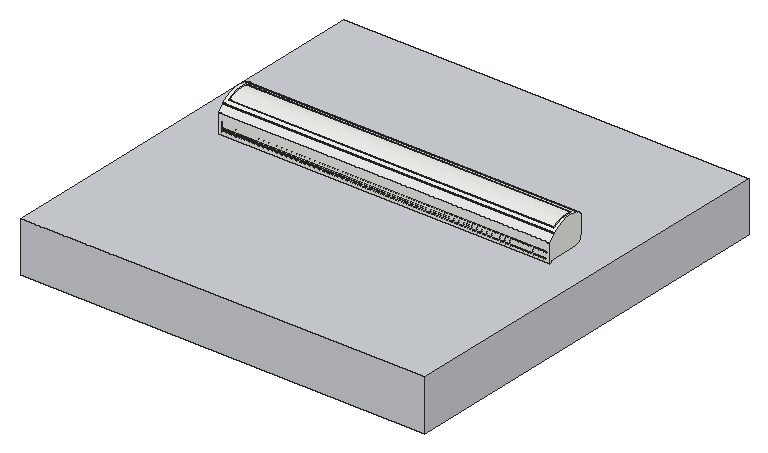
Revit family "ГРЕЕРС ЗВ - 200 Е", category Osprzęt elektryczny, Revit 2016
Family settings
  Obiekt nadrzędny = Powierzchnia
  Zachowaj orientację opisów = Nie
  Typ części = Normalny
  Wymiar okrągłego złącza = Użyj średnicy
  Tnij formami wycięć po wczytaniu = Nie
  Współdzielony = Nie
  Punkt obliczania pomieszczeń = Nie
Parameters (values of type "ГРЕЕРС ЗВ - 200 Е, 1 скорость, 1x230B")
  Тепловая мощность = 12.5 kW
  Полная мощность = if(Напряжение питания = 400 V, 230 V * 3 * Номинальный ток, 230 V * Номинальный ток)  # 12489 VA
  Номинальный ток = 54.3 A
  Напряжение питания = 230 V
  Материал 2 = ГРЕЕРС-сталь,перфорация-белый
  Материал = ГРЕЕРС-сталь-белый
  Коэффициент мощности = 1
  Количество фаз = 1
  Классификация нагрузки = ДРУГОЕ
  Длина = 2000.00 mm  # constant formula
  Данные продукта = "https://greers.ru/vozdushnye-zavesy/"
  Вес аппарата = 25.10 kg
  Вентилятор = "Однофазный двигатель с поперечным ротором"
  Автор = "www.archispace.com"
  URL = ""
  Producent = "ГРЕЕРС"
  Opis = "Воздушная завеса"
  Model = "ГРЕЕРС ЗВ - 200 Е"
  IP = "21"
  Domyślna rzędna = 2200.00 mm
Types (6, lengths in mm): name | Тепловая мощность | Полная мощность | Номинальный ток | Напряжение питания | Количество фаз
  ГРЕЕРС ЗВ - 200 Е, 1 скорость, 3x400B | 12.5 kW | 12489 VA | 18.1 A | 400 V | 3
  ГРЕЕРС ЗВ - 200 Е, 2 скорость, 3x400B | 12.8 kW | 12765 VA | 18.5 A | 400 V | 3
  ГРЕЕРС ЗВ - 200 Е, 3 скорость, 3x400B | 13 kW | 12903 VA | 18.7 A | 400 V | 3
  ГРЕЕРС ЗВ - 200 Е, 1 скорость, 1x230B | 12.5 kW | 12489 VA | 54.3 A | 230 V | 1
  ГРЕЕРС ЗВ - 200 Е, 2 скорость, 1x230B | 12.8 kW | 12765 VA | 55.5 A | 230 V | 1
  ГРЕЕРС ЗВ - 200 Е, 3 скорость, 1x230B | 13 kW | 12903 VA | 56.1 A | 230 V | 1
Reference planes
  plane 1 "Środek (Przód/Tył)": y = 0
  plane 2: z = 0
  plane 3 "Środek (Lewa/Prawa)": x = 0
Forms (mm)
  Extrusion 1, solid
    sketch origin (0, 0, 0) x (1, 0, 0) y (0, 1, 0)
      loop
        line (-1219.2, 1219.2) -> (-1219.2, -1219.2) -> (1219.2, -1219.2) -> (1219.2, 1219.2) -> (-1219.2, 1219.2)
    from 0 to -304.8
Dimensions and locks
  aligned and locked: plane 2 to Extrusion 1
  aligned and locked: level to Extrusion 1
  aligned and locked: plane 3 "Środek (Lewa/Prawa)" to nested 1
  aligned and locked: plane 1 "Środek (Przód/Tył)" to nested 1
Nested families
  nested 1: "ГРЕЕРС ЗВ - 200 Е" at (0, 0, 0), type "ГРЕЕРС ЗВ - 200 Е"
    with długość 2000.00 mm
Connectors
  electrical at (0, 235.182, 54.049), driven by "Напряжение питания", driven by "Полная мощность", driven by "Коэффициент мощности", driven by "Классификация нагрузки", driven by "Количество фаз"
    settings: on nested 1, index 9, voltage 230 V, apparent load 12489 VA, apparent load phase1 0 VA, apparent load phase2 0 VA, apparent load phase3 0 VA, power factor 1, load classification "ДРУГОЕ", number of poles 1, system type 30, power factor state 1, is connector primary yes, connector utility no, sub classification motor no, connector description ""
  electrical at (-59, 235.182, 85.024)
    settings: on nested 1, index 10, voltage 0 V, apparent load 0 VA, apparent load phase1 0 VA, apparent load phase2 0 VA, apparent load phase3 0 VA, power factor 1, load classification "Inne", number of poles 1, system type 13, power factor state 1, is connector primary no, connector utility no, sub classification motor no, connector description "Регулятор ТS"
  electrical at (59, 235.182, 85.024)
    settings: on nested 1, index 11, voltage 0 V, apparent load 0 VA, apparent load phase1 0 VA, apparent load phase2 0 VA, apparent load phase3 0 VA, power factor 1, load classification "Inne", number of poles 1, system type 13, power factor state 1, is connector primary no, connector utility no, sub classification motor no, connector description "Конечный датчик"
Definition of nested family "ГРЕЕРС ЗВ - 200 Е"
  Parameters
    materiał perforacja = none
    materiał = none
    długość = 1000.00 mm
  Reference planes
    plane 1 "Środek (Przód/Tył)": y = 0
    plane 2: z = 0
    plane 3 "Środek (Lewa/Prawa)": x = 0
    plane 4: x = -500
    plane 5: x = 500
    plane 6: x = -480
    plane 7: x = 480
    plane 8: x = 250
    plane 9: x = -250
  Forms (mm)
    Extrusion 1, solid, material <- "materiał", detail levels medium
      sketch origin (0, 300, 0) x (0, 1, 0) y (0, 0, 1)
        loop
          line (-72.756, 170.564) -> (-81.693, 181.358)
          arc (-81.693, 181.358) -> (-82.051, 181.684) -> (-82.482, 181.903) r 1.8
          line (-82.482, 181.903) -> (-98.157, 187.357)
          arc (-98.157, 187.357) -> (-98.505, 187.566) -> (-98.742, 187.895) r 1
          line (-98.742, 187.895) -> (-99.846, 190.375)
          arc (-99.846, 190.375) -> (-100.355, 191.039) -> (-101.109, 191.402) r 1.8
          arc (-101.109, 191.402) -> (-188.803, 190.806) -> (-267.88, 152.892) r 200.8
          arc (-267.88, 152.892) -> (-268.406, 152.22) -> (-268.563, 151.381) r 1.8
          line (-268.563, 151.381) -> (-268.42, 148.651)
          arc (-268.42, 148.651) -> (-268.477, 148.263) -> (-268.678, 147.927) r 1
          line (-268.678, 147.927) -> (-299.538, 113.654)
          arc (-299.538, 113.654) -> (-299.88, 113.094) -> (-300, 112.449) r 1.8
          line (-300, 112.449) -> (-300, 0) -> (-292.2, 0) -> (-292.2, 13.085) -> (-113.282, 13.085)
          arc (-113.282, 13.085) -> (-84.316, 25.083) -> (-72.318, 54.049) r 40.964
          line (-72.318, 54.049) -> (-72.318, 169.336)
          arc (-72.318, 169.336) -> (-72.431, 169.988) -> (-72.756, 170.564) r 1.943
      from -500 to 500
    Extrusion 2, solid, material <- "materiał", detail levels coarse
      sketch origin (0, 0, 0) x (0, 1, 0) y (0, 0, 1)
        loop
          arc (227.682, 182.867) -> (103.817, 188.954) -> (0, 121.12) r 200.8
          line (0, 121.12) -> (0, 0) -> (227.682, 0) -> (227.682, 182.867)
      from -500 to 500
    Extrusion 3, solid, material <- "materiał", detail levels fine
      sketch origin (0, 0, 0) x (0, 1, 0) y (0, 0, 1)
        loop
          line (227.244, 170.564) -> (218.307, 181.358)
          arc (218.307, 181.358) -> (217.949, 181.684) -> (217.518, 181.903) r 1.8
          line (217.518, 181.903) -> (201.843, 187.357)
          arc (201.843, 187.357) -> (201.495, 187.566) -> (201.258, 187.895) r 1
          line (201.258, 187.895) -> (200.154, 190.375)
          arc (200.154, 190.375) -> (199.645, 191.039) -> (198.891, 191.402) r 1.8
          arc (198.891, 191.402) -> (111.197, 190.806) -> (32.12, 152.892) r 200.8
          arc (32.12, 152.892) -> (31.594, 152.22) -> (31.437, 151.381) r 1.8
          line (31.437, 151.381) -> (31.58, 148.651)
          arc (31.58, 148.651) -> (31.523, 148.263) -> (31.322, 147.927) r 1
          line (31.322, 147.927) -> (0.462, 113.654)
          arc (0.462, 113.654) -> (0.12, 113.094) -> (0, 112.449) r 1.8
          line (0, 112.449) -> (0, 0) -> (7.8, 0) -> (7.8, 13.085) -> (186.718, 13.085)
          arc (186.718, 13.085) -> (215.684, 25.083) -> (227.682, 54.049) r 40.964
          line (227.682, 54.049) -> (227.682, 169.336)
          arc (227.682, 169.336) -> (227.569, 169.988) -> (227.244, 170.564) r 1.943
      from -500 to 500
    Extrusion 4, void
      sketch origin (0, 0, 0) x (0, 1, 0) y (0, 0, 1)
        loop
          line (52, 224.939) -> (52, 114.939) -> (180, 114.939) -> (180, 224.939) -> (52, 224.939)
      from -480 to 480
    Extrusion 5, solid, material <- "materiał perforacja", detail levels fine
      sketch origin (0, 0, 0) x (0, 1, 0) y (0, 0, 1)
        loop
          arc (180, 194.56) -> (113.664, 191.359) -> (52, 166.696) r 200.8
          line (52, 166.696) -> (52, 164.35)
          arc (52, 164.35) -> (113.61, 189.3) -> (180, 192.546) r 198.8
          line (180, 192.546) -> (180, 194.56)
      from -480 to 480
    Extrusion 6, void
      sketch origin (0, 0, 0) x (0, 1, 0) y (0, 0, 1)
        loop
          line (0, 15.085) -> (25, 15.085) -> (25, 70.085) -> (0, 70.085) -> (0, 62.585) -> (15, 62.585) -> (15, 60.585) -> (0, 60.585) -> (0, 53.085) -> (15, 53.085) -> (15, 51.085) -> (0, 51.085) -> (0, 43.585) -> (15, 43.585) -> (15, 41.585) -> (0, 41.585) -> (0, 34.085) -> (15, 34.085) -> (15, 32.085) -> (0, 32.085) -> (0, 24.585) -> (15, 24.585) -> (15, 22.585) -> (0, 22.585) -> (0, 15.085)
      from -480 to 480
    Extrusion 7, solid, material <- "materiał"
      sketch origin (0, 0, 0) x (0, 1, 0) y (0, 0, 1)
        loop
          line (10, 0) -> (172, 0) -> (172, 13.085) -> (10, 13.085) -> (10, 0)
      from -250 to 250
    Extrusion 8, solid, material <- "materiał"
      sketch origin (0, 0, 0) x (0, 1, 0) y (0, 0, 1)
        loop
          line (227.682, 54.049) -> (242.682, 54.049) -> (242.682, 116) -> (227.682, 116) -> (227.682, 54.049)
      from -59 to 59
  Cuts and joins
    Extrusion 4, Extrusion 6 cuts Extrusion 3
  Dimensions and locks
    equal spacing: plane 4, plane 3 "Środek (Lewa/Prawa)", plane 5
    "długość": plane 4 to plane 5
    locked: plane 4 to plane 6 at 20
    locked: plane 7 to plane 5 at 20
    equal spacing: plane 4, plane 9, plane 3 "Środek (Lewa/Prawa)"
    equal spacing: plane 3 "Środek (Lewa/Prawa)", plane 8, plane 5
    aligned and locked: level to plane 2
    aligned and locked: Extrusion 2 to plane 4
    aligned and locked: Extrusion 1 to plane 4
    aligned and locked: Extrusion 2 to plane 5
    aligned and locked: Extrusion 1 to plane 5
    aligned and locked: Extrusion 3 to plane 4
    aligned and locked: Extrusion 3 to plane 5
    aligned and locked: Extrusion 4 to plane 6
    aligned and locked: Extrusion 4 to plane 7
    aligned and locked: Extrusion 5 to plane 6
    aligned and locked: Extrusion 5 to plane 7
    aligned and locked: Extrusion 6 to plane 7
    aligned and locked: Extrusion 6 to plane 6
    aligned and locked: plane 8 to Extrusion 7
    aligned and locked: plane 9 to Extrusion 7
  Automatic sketch dimensions
    Extrusion 1 sketch curve to level = 0.00 mm
    Extrusion 1 sketch curve to plane 1 "Środek (Przód/Tył)" = 0.00 mm
    Extrusion 1 sketch curve to Extrusion 1 sketch curve = 1.80 mm
    Extrusion 1 sketch curve to plane 1 "Środek (Przód/Tył)" = 7.80 mm
    Extrusion 1 sketch curve to plane 1 "Środek (Przód/Tył)" = 30.581 mm
    Extrusion 1 sketch curve to Extrusion 1 sketch curve = 0.742 mm
    Extrusion 1 sketch curve to Extrusion 1 sketch curve = 0.856 mm
    Extrusion 1 sketch curve to Extrusion 1 sketch curve = 1.797 mm
    Extrusion 1 sketch curve to plane 1 "Środek (Przód/Tył)" = 156.375 mm
    Extrusion 1 sketch curve to Extrusion 1 sketch curve = 30.343 mm
    Extrusion 1 sketch curve to Extrusion 1 sketch curve = 165.276 mm
    Extrusion 1 sketch curve to Extrusion 1 sketch curve = 3.662 mm
    Extrusion 1 sketch curve to Extrusion 1 sketch curve = 14.754 mm
    Extrusion 1 sketch curve to Extrusion 1 sketch curve = 1.38 mm
    Extrusion 1 sketch curve to Extrusion 1 sketch curve = 8.812 mm
    Extrusion 1 sketch curve to Extrusion 1 sketch curve = 1.505 mm
    Extrusion 1 sketch curve to Extrusion 1 sketch curve = 40.964 mm
    Extrusion 1 sketch curve to Extrusion 1 sketch curve = 13.085 mm
    Extrusion 1 sketch curve to Extrusion 1 sketch curve = 58.894 mm
    Extrusion 1 sketch curve to Extrusion 1 sketch curve = 117.295 mm
    Extrusion 1 sketch curve to Extrusion 1 sketch curve = 35.478 mm
    Extrusion 1 sketch curve to Extrusion 1 sketch curve = 0.671 mm
    Extrusion 1 sketch curve to Extrusion 1 sketch curve = 2.783 mm
    Extrusion 1 sketch curve to Extrusion 1 sketch curve = 0.097 mm
    Extrusion 1 sketch curve to Extrusion 1 sketch curve = 174.181 mm
    Extrusion 1 sketch curve to Extrusion 1 sketch curve = 10.867 mm
    Extrusion 1 sketch curve to Extrusion 1 sketch curve = 1.155 mm
    Extrusion 1 sketch curve to Extrusion 1 sketch curve = 8.099 mm
    Extrusion 1 sketch curve to Extrusion 1 sketch curve = 1.341 mm
    Extrusion 1 sketch curve to plane 1 "Środek (Przód/Tył)" = 0.462 mm
    Extrusion 1 sketch curve to Extrusion 1 sketch curve = 0.00 mm  (x14)
    Extrusion 1 sketch curve to Extrusion 1 sketch curve = 0.257 mm
    Extrusion 1 sketch curve to Extrusion 1 sketch curve = 1.263 mm
    Extrusion 1 sketch curve to Extrusion 1 sketch curve = 0.914 mm
    Extrusion 1 sketch curve to Extrusion 1 sketch curve = 0.585 mm
    Extrusion 1 sketch curve to Extrusion 1 sketch curve = 0.789 mm
    Extrusion 1 sketch curve to Extrusion 1 sketch curve = 0.944 mm
    Extrusion 2 sketch curve to level = 0.00 mm
    Extrusion 2 sketch curve to Extrusion 2 sketch curve = 71.306 mm
    Extrusion 2 sketch curve to Extrusion 2 sketch curve = 4.846 mm
    Extrusion 2 sketch curve to plane 1 "Środek (Przód/Tył)" = 0.00 mm
    Extrusion 2 sketch curve to Extrusion 2 sketch curve = 125.966 mm
    Extrusion 2 sketch curve to plane 1 "Środek (Przód/Tył)" = 156.375 mm
    plane 1 "Środek (Przód/Tył)" to Extrusion 3 sketch curve = 0.00 mm
    Extrusion 3 sketch curve to Extrusion 3 sketch curve = 1.80 mm
    Extrusion 3 sketch curve to Extrusion 3 sketch curve = 7.80 mm
    Extrusion 3 sketch curve to Extrusion 3 sketch curve = 28.781 mm
    Extrusion 3 sketch curve to Extrusion 3 sketch curve = 0.742 mm
    Extrusion 3 sketch curve to Extrusion 3 sketch curve = 0.856 mm
    Extrusion 3 sketch curve to Extrusion 3 sketch curve = 1.797 mm
    Extrusion 3 sketch curve to Extrusion 3 sketch curve = 148.575 mm
    Extrusion 3 sketch curve to Extrusion 3 sketch curve = 30.343 mm
    Extrusion 3 sketch curve to Extrusion 3 sketch curve = 165.276 mm
    Extrusion 3 sketch curve to Extrusion 3 sketch curve = 3.662 mm
    Extrusion 3 sketch curve to Extrusion 3 sketch curve = 14.754 mm
    Extrusion 3 sketch curve to Extrusion 3 sketch curve = 1.38 mm
    Extrusion 3 sketch curve to Extrusion 3 sketch curve = 8.812 mm
    Extrusion 3 sketch curve to Extrusion 3 sketch curve = 1.505 mm
    Extrusion 3 sketch curve to Extrusion 3 sketch curve = 40.964 mm
    level to Extrusion 3 sketch curve = 0.00 mm
    Extrusion 3 sketch curve to Extrusion 3 sketch curve = 13.085 mm
    Extrusion 3 sketch curve to Extrusion 3 sketch curve = 58.894 mm
    Extrusion 3 sketch curve to Extrusion 3 sketch curve = 117.295 mm
    Extrusion 3 sketch curve to Extrusion 3 sketch curve = 35.478 mm
    Extrusion 3 sketch curve to Extrusion 3 sketch curve = 0.671 mm
    Extrusion 3 sketch curve to Extrusion 3 sketch curve = 2.783 mm
    Extrusion 3 sketch curve to Extrusion 3 sketch curve = 0.097 mm
    Extrusion 3 sketch curve to Extrusion 3 sketch curve = 174.181 mm
    Extrusion 3 sketch curve to Extrusion 3 sketch curve = 10.867 mm
    Extrusion 3 sketch curve to Extrusion 3 sketch curve = 1.155 mm
    Extrusion 3 sketch curve to Extrusion 3 sketch curve = 8.099 mm
    Extrusion 3 sketch curve to Extrusion 3 sketch curve = 1.341 mm
    Extrusion 3 sketch curve to Extrusion 3 sketch curve = 0.462 mm
    Extrusion 3 sketch curve to Extrusion 3 sketch curve = 0.00 mm  (x14)
    Extrusion 3 sketch curve to Extrusion 3 sketch curve = 0.257 mm
    Extrusion 3 sketch curve to Extrusion 3 sketch curve = 1.263 mm
    Extrusion 3 sketch curve to Extrusion 3 sketch curve = 0.914 mm
    Extrusion 3 sketch curve to Extrusion 3 sketch curve = 0.585 mm
    Extrusion 3 sketch curve to Extrusion 3 sketch curve = 0.789 mm
    Extrusion 3 sketch curve to Extrusion 3 sketch curve = 0.944 mm
    Extrusion 4 sketch curve to Extrusion 4 sketch curve = 128.00 mm
    level to Extrusion 4 sketch curve = 114.939 mm
    Extrusion 4 sketch curve to Extrusion 4 sketch curve = 110.00 mm
    Extrusion 4 sketch curve to plane 1 "Środek (Przód/Tył)" = 52.00 mm
    Extrusion 5 sketch curve to plane 1 "Środek (Przód/Tył)" = 156.375 mm
    Extrusion 5 sketch curve to level = 4.846 mm
    Extrusion 5 sketch curve to plane 1 "Środek (Przód/Tył)" = 52.00 mm
    Extrusion 5 sketch curve to Extrusion 5 sketch curve = 23.625 mm
    Extrusion 5 sketch curve to Extrusion 5 sketch curve = 25.85 mm
    Extrusion 5 sketch curve to Extrusion 5 sketch curve = 2.346 mm
    Extrusion 5 sketch curve to Extrusion 5 sketch curve = 0.00 mm  (x2)
    Extrusion 7 sketch curve to level = 0.00 mm
    Extrusion 7 sketch curve to plane 1 "Środek (Przód/Tył)" = 10.00 mm
    Extrusion 7 sketch curve to Extrusion 7 sketch curve = 162.00 mm
    level to Extrusion 7 sketch curve = 13.085 mm
    Extrusion 8 sketch curve to plane 1 "Środek (Przód/Tył)" = 227.682 mm
    level to Extrusion 8 sketch curve = 116.00 mm
    level to Extrusion 8 sketch curve = 54.049 mm
    Extrusion 8 sketch curve to Extrusion 8 sketch curve = 15.00 mm
    Extrusion 6 sketch curve to plane 1 "Środek (Przód/Tył)" = 0.00 mm  (x6)
    Extrusion 6 sketch curve to Extrusion 6 sketch curve = 15.00 mm
    Extrusion 6 sketch curve to Extrusion 6 sketch curve = 0.00 mm  (x4)
    Extrusion 6 sketch curve to Extrusion 6 sketch curve = 10.00 mm
    level to Extrusion 6 sketch curve = 15.085 mm
    Extrusion 6 sketch curve to Extrusion 6 sketch curve = 7.50 mm  (x6)
    Extrusion 6 sketch curve to Extrusion 6 sketch curve = 2.00 mm  (x5)
